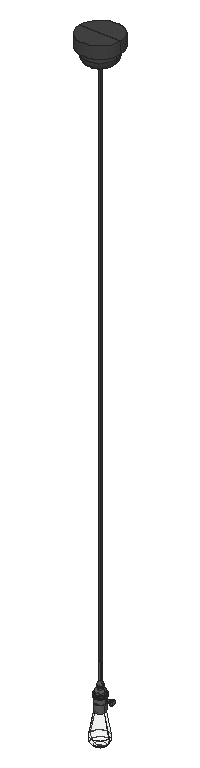
Revit family "SPO-KEY-BP MB", category Lighting Fixtures, Revit 2020 (continued)
Definition of nested family "SPO-KEY-AB"
  Definition of nested family "SPO-KEY-AB HOLDER"
    Automatic sketch dimensions
      Extrusion 127 sketch curve to Extrusion 127 sketch curve = 0' - 0.0326"
      Extrusion 127 sketch curve to Extrusion 127 sketch curve = 0' - 0.0292"
      Extrusion 127 sketch curve to Extrusion 127 sketch curve = 0' - 0.02806"
      Extrusion 128 sketch curve to Extrusion 128 sketch curve = 0' - 0.02911"
      Extrusion 128 sketch curve to Extrusion 128 sketch curve = 0' - 0.0326"
      Extrusion 128 sketch curve to Extrusion 128 sketch curve = 0' - 0.0292"
      Extrusion 128 sketch curve to Extrusion 128 sketch curve = 0' - 0.02806"
      Extrusion 129 sketch curve to Extrusion 129 sketch curve = 0' - 0.02911"
      Extrusion 129 sketch curve to Extrusion 129 sketch curve = 0' - 0.0326"
      Extrusion 129 sketch curve to Extrusion 129 sketch curve = 0' - 0.0292"
      Extrusion 129 sketch curve to Extrusion 129 sketch curve = 0' - 0.02806"
      Extrusion 130 sketch curve to Extrusion 130 sketch curve = 0' - 0.02911"
      Extrusion 130 sketch curve to Extrusion 130 sketch curve = 0' - 0.0326"
      Extrusion 130 sketch curve to Extrusion 130 sketch curve = 0' - 0.0292"
      Extrusion 130 sketch curve to Extrusion 130 sketch curve = 0' - 0.02806"
      Extrusion 131 sketch curve to Extrusion 131 sketch curve = 0' - 0.02911"
      Extrusion 131 sketch curve to Extrusion 131 sketch curve = 0' - 0.0326"
      Extrusion 131 sketch curve to Extrusion 131 sketch curve = 0' - 0.0292"
      Extrusion 131 sketch curve to Extrusion 131 sketch curve = 0' - 0.02806"
      Extrusion 132 sketch curve to Extrusion 132 sketch curve = 0' - 0.02911"
      Extrusion 132 sketch curve to Extrusion 132 sketch curve = 0' - 0.0326"
      Extrusion 132 sketch curve to Extrusion 132 sketch curve = 0' - 0.0292"
      Extrusion 132 sketch curve to Extrusion 132 sketch curve = 0' - 0.02806"
      Extrusion 133 sketch curve to Extrusion 133 sketch curve = 0' - 0.02911"
      Extrusion 133 sketch curve to Extrusion 133 sketch curve = 0' - 0.0326"
      Extrusion 133 sketch curve to Extrusion 133 sketch curve = 0' - 0.0292"
      Extrusion 133 sketch curve to Extrusion 133 sketch curve = 0' - 0.02806"
      Extrusion 134 sketch curve to Extrusion 134 sketch curve = 0' - 0.03305"
      Extrusion 134 sketch curve to Extrusion 134 sketch curve = 0' - 0.03932"
      Extrusion 134 sketch curve to Extrusion 134 sketch curve = 0' - 0.03299"
      Extrusion 134 sketch curve to Extrusion 134 sketch curve = 0' - 0.03385"
      Extrusion 135 sketch curve to Extrusion 135 sketch curve = 0' - 0.03305"
      Extrusion 135 sketch curve to Extrusion 135 sketch curve = 0' - 0.03932"
      Extrusion 135 sketch curve to Extrusion 135 sketch curve = 0' - 0.03299"
      Extrusion 135 sketch curve to Extrusion 135 sketch curve = 0' - 0.03385"
      Extrusion 136 sketch curve to Extrusion 136 sketch curve = 0' - 0.03305"
      Extrusion 136 sketch curve to Extrusion 136 sketch curve = 0' - 0.03932"
      Extrusion 136 sketch curve to Extrusion 136 sketch curve = 0' - 0.03299"
      Extrusion 136 sketch curve to Extrusion 136 sketch curve = 0' - 0.03385"
      Extrusion 137 sketch curve to Extrusion 137 sketch curve = 0' - 0.03305"
      Extrusion 137 sketch curve to Extrusion 137 sketch curve = 0' - 0.03932"
      Extrusion 137 sketch curve to Extrusion 137 sketch curve = 0' - 0.03299"
      Extrusion 137 sketch curve to Extrusion 137 sketch curve = 0' - 0.03385"
      Extrusion 138 sketch curve to Extrusion 138 sketch curve = 0' - 0.03305"
      Extrusion 138 sketch curve to Extrusion 138 sketch curve = 0' - 0.03932"
      Extrusion 138 sketch curve to Extrusion 138 sketch curve = 0' - 0.03299"
      Extrusion 138 sketch curve to Extrusion 138 sketch curve = 0' - 0.03385"
      Extrusion 139 sketch curve to Extrusion 139 sketch curve = 0' - 0.03305"
      Extrusion 139 sketch curve to Extrusion 139 sketch curve = 0' - 0.03932"
      Extrusion 139 sketch curve to Extrusion 139 sketch curve = 0' - 0.03299"
      Extrusion 139 sketch curve to Extrusion 139 sketch curve = 0' - 0.03385"
      Extrusion 140 sketch curve to Extrusion 140 sketch curve = 0' - 0.03305"
      Extrusion 140 sketch curve to Extrusion 140 sketch curve = 0' - 0.03932"
      Extrusion 140 sketch curve to Extrusion 140 sketch curve = 0' - 0.03299"
      Extrusion 140 sketch curve to Extrusion 140 sketch curve = 0' - 0.03385"
      Extrusion 141 sketch curve to Extrusion 141 sketch curve = 0' - 0.03305"
      Extrusion 141 sketch curve to Extrusion 141 sketch curve = 0' - 0.03932"
      Extrusion 141 sketch curve to Extrusion 141 sketch curve = 0' - 0.03299"
      Extrusion 141 sketch curve to Extrusion 141 sketch curve = 0' - 0.03385"
      Extrusion 142 sketch curve to Extrusion 142 sketch curve = 0' - 0.03305"
      Extrusion 142 sketch curve to Extrusion 142 sketch curve = 0' - 0.03932"
      Extrusion 142 sketch curve to Extrusion 142 sketch curve = 0' - 0.03299"
      Extrusion 142 sketch curve to Extrusion 142 sketch curve = 0' - 0.03385"
      Extrusion 143 sketch curve to Extrusion 143 sketch curve = 0' - 0.03305"
      Extrusion 143 sketch curve to Extrusion 143 sketch curve = 0' - 0.03932"
      Extrusion 143 sketch curve to Extrusion 143 sketch curve = 0' - 0.03299"
      Extrusion 143 sketch curve to Extrusion 143 sketch curve = 0' - 0.03385"
      Extrusion 144 sketch curve to Extrusion 144 sketch curve = 0' - 0.03305"
      Extrusion 144 sketch curve to Extrusion 144 sketch curve = 0' - 0.03932"
      Extrusion 144 sketch curve to Extrusion 144 sketch curve = 0' - 0.03299"
      Extrusion 144 sketch curve to Extrusion 144 sketch curve = 0' - 0.03385"
      Extrusion 145 sketch curve to Extrusion 145 sketch curve = 0' - 0.03305"
      Extrusion 145 sketch curve to Extrusion 145 sketch curve = 0' - 0.03932"
      Extrusion 145 sketch curve to Extrusion 145 sketch curve = 0' - 0.03299"
      Extrusion 145 sketch curve to Extrusion 145 sketch curve = 0' - 0.03385"
      Extrusion 146 sketch curve to Extrusion 146 sketch curve = 0' - 0.03305"
      Extrusion 146 sketch curve to Extrusion 146 sketch curve = 0' - 0.03932"
      Extrusion 146 sketch curve to Extrusion 146 sketch curve = 0' - 0.03299"
      Extrusion 146 sketch curve to Extrusion 146 sketch curve = 0' - 0.03385"
      Extrusion 147 sketch curve to Extrusion 147 sketch curve = 0' - 0.03305"
      Extrusion 147 sketch curve to Extrusion 147 sketch curve = 0' - 0.03932"
      Extrusion 147 sketch curve to Extrusion 147 sketch curve = 0' - 0.03299"
      Extrusion 147 sketch curve to Extrusion 147 sketch curve = 0' - 0.03385"
      Extrusion 148 sketch curve to Extrusion 148 sketch curve = 0' - 0.03305"
      Extrusion 148 sketch curve to Extrusion 148 sketch curve = 0' - 0.03932"
      Extrusion 148 sketch curve to Extrusion 148 sketch curve = 0' - 0.03299"
      Extrusion 148 sketch curve to Extrusion 148 sketch curve = 0' - 0.03385"
      Extrusion 149 sketch curve to Extrusion 149 sketch curve = 0' - 0.03305"
      Extrusion 149 sketch curve to Extrusion 149 sketch curve = 0' - 0.03932"
      Extrusion 149 sketch curve to Extrusion 149 sketch curve = 0' - 0.03299"
      Extrusion 149 sketch curve to Extrusion 149 sketch curve = 0' - 0.03385"
      Extrusion 150 sketch curve to Extrusion 150 sketch curve = 0' - 0.03305"
      Extrusion 150 sketch curve to Extrusion 150 sketch curve = 0' - 0.03932"
      Extrusion 150 sketch curve to Extrusion 150 sketch curve = 0' - 0.03299"
      Extrusion 150 sketch curve to Extrusion 150 sketch curve = 0' - 0.03385"
      Extrusion 151 sketch curve to Extrusion 151 sketch curve = 0' - 0.03305"
      Extrusion 151 sketch curve to Extrusion 151 sketch curve = 0' - 0.03932"
      Extrusion 151 sketch curve to Extrusion 151 sketch curve = 0' - 0.03299"
      Extrusion 151 sketch curve to Extrusion 151 sketch curve = 0' - 0.03385"
      Extrusion 152 sketch curve to Extrusion 152 sketch curve = 0' - 0.03305"
      Extrusion 152 sketch curve to Extrusion 152 sketch curve = 0' - 0.03932"
      Extrusion 152 sketch curve to Extrusion 152 sketch curve = 0' - 0.03299"
      Extrusion 152 sketch curve to Extrusion 152 sketch curve = 0' - 0.03385"
      Extrusion 153 sketch curve to Extrusion 153 sketch curve = 0' - 0.03305"
      Extrusion 153 sketch curve to Extrusion 153 sketch curve = 0' - 0.03932"
      Extrusion 153 sketch curve to Extrusion 153 sketch curve = 0' - 0.03299"
      Extrusion 153 sketch curve to Extrusion 153 sketch curve = 0' - 0.03385"
      Extrusion 154 sketch curve to Extrusion 154 sketch curve = 0' - 0.03305"
      Extrusion 154 sketch curve to Extrusion 154 sketch curve = 0' - 0.03932"
      Extrusion 154 sketch curve to Extrusion 154 sketch curve = 0' - 0.03299"
      Extrusion 154 sketch curve to Extrusion 154 sketch curve = 0' - 0.03385"
      Extrusion 155 sketch curve to Extrusion 155 sketch curve = 0' - 0.03305"
      Extrusion 155 sketch curve to Extrusion 155 sketch curve = 0' - 0.03932"
      Extrusion 155 sketch curve to Extrusion 155 sketch curve = 0' - 0.03299"
      Extrusion 155 sketch curve to Extrusion 155 sketch curve = 0' - 0.03385"
      Extrusion 156 sketch curve to Extrusion 156 sketch curve = 0' - 0.03305"
      Extrusion 156 sketch curve to Extrusion 156 sketch curve = 0' - 0.03932"
      Extrusion 156 sketch curve to Extrusion 156 sketch curve = 0' - 0.03299"
      Extrusion 156 sketch curve to Extrusion 156 sketch curve = 0' - 0.03385"
      Extrusion 157 sketch curve to Extrusion 157 sketch curve = 0' - 0.03305"
      Extrusion 157 sketch curve to Extrusion 157 sketch curve = 0' - 0.03932"
      Extrusion 157 sketch curve to Extrusion 157 sketch curve = 0' - 0.03299"
      Extrusion 157 sketch curve to Extrusion 157 sketch curve = 0' - 0.03385"
      plane 1 "Center (Front/Back)" to Extrusion 1 sketch curve = 0' - 0"
      Extrusion 1 sketch curve to plane 3 "Center (Left/Right)" = 0' - 0"
      Revolve 2 sketch curve to plane 6 = 0' - 0"
      Revolve 2 sketch curve to level = 0' - 0"
      Revolve 2 sketch curve to plane 4 = 0' - 0"
      Revolve 2 sketch curve to plane 3 "Center (Left/Right)" = 0' - 0"  (x2)
      plane 6 to Revolve 2 sketch curve = 0' - 0.06075"
      plane 6 to Revolve 2 sketch curve = 0' - 0.12425"
      Revolve 2 sketch curve to Revolve 2 sketch curve = 0' - 0.18188"
      Revolve 2 sketch curve to Revolve 2 sketch curve = 0' - 0.21893"
      Revolve 2 sketch curve to plane 3 "Center (Left/Right)" = 0' - 0.32164"
      Revolve 2 sketch curve to Revolve 2 sketch curve = 0' - 0.03485"
      Revolve 2 sketch curve to Revolve 2 sketch curve = 0' - 0.05507"
      Revolve 2 sketch curve to plane 3 "Center (Left/Right)" = 0' - 0.18061"
      Revolve 2 sketch curve to Revolve 2 sketch curve = 0' - 0.87307"
      Revolve 2 sketch curve to Revolve 2 sketch curve = 0' - 0.0635"
      Revolve 2 sketch curve to Revolve 2 sketch curve = 0' - 0.67909"
      Revolve 2 sketch curve to Revolve 2 sketch curve = 0' - 0.38706"
      Revolve 2 sketch curve to Revolve 2 sketch curve = 0' - 0.20666"
      Revolve 2 sketch curve to Revolve 2 sketch curve = 0' - 0.06564"
      Revolve 2 sketch curve to Revolve 2 sketch curve = 0' - 0 1/4"
      Revolve 2 sketch curve to Revolve 2 sketch curve = 0' - 0.19319"
      Revolve 2 sketch curve to plane 4 = 0' - 0 1/4"
      Revolve 2 sketch curve to Revolve 2 sketch curve = 0' - 0.12407"
      Revolve 3 sketch curve to plane 5 = 0' - 0.06144"
      plane 5 to Revolve 3 sketch curve = 0' - 0.06784"
      Revolve 3 sketch curve to Revolve 3 sketch curve = 0' - 0.13031"
      Revolve 3 sketch curve to Revolve 3 sketch curve = 0' - 0.10379"
      Revolve 3 sketch curve to Revolve 3 sketch curve = 0' - 0.04714"
      Revolve 3 sketch curve to Revolve 3 sketch curve = 0' - 0.03234"
      Revolve 3 sketch curve to Revolve 3 sketch curve = 0' - 0.10316"
      Revolve 3 sketch curve to Revolve 3 sketch curve = 0' - 0.34639"
      Revolve 3 sketch curve to Revolve 3 sketch curve = 0' - 0.13742"
      level to Revolve 3 sketch curve = 0' - 1.37371"
      Revolve 3 sketch curve to Revolve 3 sketch curve = 0' - 0.04427"
      Revolve 3 sketch curve to Revolve 3 sketch curve = 0' - 0.02015"
      Revolve 3 sketch curve to Revolve 3 sketch curve = 0' - 0.02437"
      Revolve 3 sketch curve to Revolve 3 sketch curve = 0' - 0.01272"
      Revolve 3 sketch curve to Revolve 3 sketch curve = 0' - 0.09592"
      Revolve 3 sketch curve to Revolve 3 sketch curve = 0' - 0.31425"
      Revolve 3 sketch curve to Revolve 3 sketch curve = 0' - 0.09269"
      Revolve 3 sketch curve to Revolve 3 sketch curve = 0' - 0.05975"
      Revolve 3 sketch curve to Revolve 3 sketch curve = 0' - 0.0888"
      Extrusion 158 sketch curve to Extrusion 158 sketch curve = 0' - 0.02628"
      Extrusion 158 sketch curve to Extrusion 158 sketch curve = 0' - 0.04498"
      Extrusion 158 sketch curve to Extrusion 158 sketch curve = 0' - 0.02258"
      Extrusion 158 sketch curve to Extrusion 158 sketch curve = 0' - 0.02891"
      Extrusion 159 sketch curve to Extrusion 159 sketch curve = 0' - 0.02628"
      Extrusion 159 sketch curve to Extrusion 159 sketch curve = 0' - 0.04498"
      Extrusion 159 sketch curve to Extrusion 159 sketch curve = 0' - 0.02258"
      Extrusion 159 sketch curve to Extrusion 159 sketch curve = 0' - 0.02891"
      Extrusion 160 sketch curve to Extrusion 160 sketch curve = 0' - 0.02628"
      Extrusion 160 sketch curve to Extrusion 160 sketch curve = 0' - 0.04498"
      Extrusion 160 sketch curve to Extrusion 160 sketch curve = 0' - 0.02258"
      Extrusion 160 sketch curve to Extrusion 160 sketch curve = 0' - 0.02891"
      Extrusion 161 sketch curve to Extrusion 161 sketch curve = 0' - 0.02628"
      Extrusion 161 sketch curve to Extrusion 161 sketch curve = 0' - 0.04498"
      Extrusion 161 sketch curve to Extrusion 161 sketch curve = 0' - 0.02258"
      Extrusion 161 sketch curve to Extrusion 161 sketch curve = 0' - 0.02891"
      Extrusion 162 sketch curve to Extrusion 162 sketch curve = 0' - 0.02628"
      Extrusion 162 sketch curve to Extrusion 162 sketch curve = 0' - 0.04498"
      Extrusion 162 sketch curve to Extrusion 162 sketch curve = 0' - 0.02258"
      Extrusion 162 sketch curve to Extrusion 162 sketch curve = 0' - 0.02891"
      Extrusion 163 sketch curve to Extrusion 163 sketch curve = 0' - 0.02628"
      Extrusion 163 sketch curve to Extrusion 163 sketch curve = 0' - 0.04498"
      Extrusion 163 sketch curve to Extrusion 163 sketch curve = 0' - 0.02258"
      Extrusion 163 sketch curve to Extrusion 163 sketch curve = 0' - 0.02891"
      Extrusion 164 sketch curve to Extrusion 164 sketch curve = 0' - 0.02628"
      Extrusion 164 sketch curve to Extrusion 164 sketch curve = 0' - 0.04498"
      Extrusion 164 sketch curve to Extrusion 164 sketch curve = 0' - 0.02258"
      Extrusion 164 sketch curve to Extrusion 164 sketch curve = 0' - 0.02891"
      Extrusion 165 sketch curve to Extrusion 165 sketch curve = 0' - 0.02628"
      Extrusion 165 sketch curve to Extrusion 165 sketch curve = 0' - 0.04498"
      Extrusion 165 sketch curve to Extrusion 165 sketch curve = 0' - 0.02258"
      Extrusion 165 sketch curve to Extrusion 165 sketch curve = 0' - 0.02891"
      Extrusion 166 sketch curve to Extrusion 166 sketch curve = 0' - 0.02628"
      Extrusion 166 sketch curve to Extrusion 166 sketch curve = 0' - 0.04498"
      Extrusion 166 sketch curve to Extrusion 166 sketch curve = 0' - 0.02258"
      Extrusion 166 sketch curve to Extrusion 166 sketch curve = 0' - 0.02891"
      Extrusion 167 sketch curve to Extrusion 167 sketch curve = 0' - 0.02628"
      Extrusion 167 sketch curve to Extrusion 167 sketch curve = 0' - 0.04498"
      Extrusion 167 sketch curve to Extrusion 167 sketch curve = 0' - 0.02258"
      Extrusion 167 sketch curve to Extrusion 167 sketch curve = 0' - 0.02891"
      Extrusion 168 sketch curve to Extrusion 168 sketch curve = 0' - 0.02628"
      Extrusion 168 sketch curve to Extrusion 168 sketch curve = 0' - 0.04498"
      Extrusion 168 sketch curve to Extrusion 168 sketch curve = 0' - 0.02258"
      Extrusion 168 sketch curve to Extrusion 168 sketch curve = 0' - 0.02891"
      Extrusion 169 sketch curve to Extrusion 169 sketch curve = 0' - 0.02628"
      Extrusion 169 sketch curve to Extrusion 169 sketch curve = 0' - 0.04498"
      Extrusion 169 sketch curve to Extrusion 169 sketch curve = 0' - 0.02258"
      Extrusion 169 sketch curve to Extrusion 169 sketch curve = 0' - 0.02891"
      Extrusion 170 sketch curve to Extrusion 170 sketch curve = 0' - 0.02628"
      Extrusion 170 sketch curve to Extrusion 170 sketch curve = 0' - 0.04498"
      Extrusion 170 sketch curve to Extrusion 170 sketch curve = 0' - 0.02258"
      Extrusion 170 sketch curve to Extrusion 170 sketch curve = 0' - 0.02891"
      Extrusion 171 sketch curve to Extrusion 171 sketch curve = 0' - 0.02628"
      Extrusion 171 sketch curve to Extrusion 171 sketch curve = 0' - 0.04498"
      Extrusion 171 sketch curve to Extrusion 171 sketch curve = 0' - 0.02258"
      Extrusion 171 sketch curve to Extrusion 171 sketch curve = 0' - 0.02891"
      Extrusion 172 sketch curve to Extrusion 172 sketch curve = 0' - 0.02628"
      Extrusion 172 sketch curve to Extrusion 172 sketch curve = 0' - 0.04498"
      Extrusion 172 sketch curve to Extrusion 172 sketch curve = 0' - 0.02258"
      Extrusion 172 sketch curve to Extrusion 172 sketch curve = 0' - 0.02891"
      Extrusion 173 sketch curve to Extrusion 173 sketch curve = 0' - 0.02628"
      Extrusion 173 sketch curve to Extrusion 173 sketch curve = 0' - 0.04498"
      Extrusion 173 sketch curve to Extrusion 173 sketch curve = 0' - 0.02258"
      Extrusion 173 sketch curve to Extrusion 173 sketch curve = 0' - 0.02891"
      Extrusion 174 sketch curve to Extrusion 174 sketch curve = 0' - 0.02628"
      Extrusion 174 sketch curve to Extrusion 174 sketch curve = 0' - 0.04498"
      Extrusion 174 sketch curve to Extrusion 174 sketch curve = 0' - 0.02258"
      Extrusion 174 sketch curve to Extrusion 174 sketch curve = 0' - 0.02891"
      Extrusion 175 sketch curve to Extrusion 175 sketch curve = 0' - 0.02628"
      Extrusion 175 sketch curve to Extrusion 175 sketch curve = 0' - 0.04498"
      Extrusion 175 sketch curve to Extrusion 175 sketch curve = 0' - 0.02258"
      Extrusion 175 sketch curve to Extrusion 175 sketch curve = 0' - 0.02891"
      Extrusion 176 sketch curve to Extrusion 176 sketch curve = 0' - 0.02628"
      Extrusion 176 sketch curve to Extrusion 176 sketch curve = 0' - 0.04498"
      Extrusion 176 sketch curve to Extrusion 176 sketch curve = 0' - 0.02258"
      Extrusion 176 sketch curve to Extrusion 176 sketch curve = 0' - 0.02891"
      Extrusion 177 sketch curve to Extrusion 177 sketch curve = 0' - 0.02628"
      Extrusion 177 sketch curve to Extrusion 177 sketch curve = 0' - 0.04498"
      Extrusion 177 sketch curve to Extrusion 177 sketch curve = 0' - 0.02258"
      Extrusion 177 sketch curve to Extrusion 177 sketch curve = 0' - 0.02891"
      Extrusion 178 sketch curve to Extrusion 178 sketch curve = 0' - 0.02628"
      Extrusion 178 sketch curve to Extrusion 178 sketch curve = 0' - 0.04498"
      Extrusion 178 sketch curve to Extrusion 178 sketch curve = 0' - 0.02258"
      Extrusion 178 sketch curve to Extrusion 178 sketch curve = 0' - 0.02891"
      Extrusion 179 sketch curve to Extrusion 179 sketch curve = 0' - 0.02628"
      Extrusion 179 sketch curve to Extrusion 179 sketch curve = 0' - 0.04498"
      Extrusion 179 sketch curve to Extrusion 179 sketch curve = 0' - 0.02258"
      Extrusion 179 sketch curve to Extrusion 179 sketch curve = 0' - 0.02891"
      Extrusion 180 sketch curve to Extrusion 180 sketch curve = 0' - 0.02628"
      Extrusion 180 sketch curve to Extrusion 180 sketch curve = 0' - 0.04498"
      Extrusion 180 sketch curve to Extrusion 180 sketch curve = 0' - 0.02258"
      Extrusion 180 sketch curve to Extrusion 180 sketch curve = 0' - 0.02891"
      Extrusion 181 sketch curve to Extrusion 181 sketch curve = 0' - 0.02628"
      Extrusion 181 sketch curve to Extrusion 181 sketch curve = 0' - 0.04498"
      Extrusion 181 sketch curve to Extrusion 181 sketch curve = 0' - 0.02258"
      Extrusion 181 sketch curve to Extrusion 181 sketch curve = 0' - 0.02891"
      Extrusion 182 sketch curve to Extrusion 182 sketch curve = 0' - 0.02628"
      Extrusion 182 sketch curve to Extrusion 182 sketch curve = 0' - 0.04498"
      Extrusion 182 sketch curve to Extrusion 182 sketch curve = 0' - 0.02258"
      Extrusion 182 sketch curve to Extrusion 182 sketch curve = 0' - 0.02891"
      Extrusion 183 sketch curve to Extrusion 183 sketch curve = 0' - 0.02628"
      Extrusion 183 sketch curve to Extrusion 183 sketch curve = 0' - 0.04498"
      Extrusion 183 sketch curve to Extrusion 183 sketch curve = 0' - 0.02258"
      Extrusion 183 sketch curve to Extrusion 183 sketch curve = 0' - 0.02891"
      Extrusion 184 sketch curve to Extrusion 184 sketch curve = 0' - 0.02628"
      Extrusion 184 sketch curve to Extrusion 184 sketch curve = 0' - 0.04498"
      Extrusion 184 sketch curve to Extrusion 184 sketch curve = 0' - 0.02258"
      Extrusion 184 sketch curve to Extrusion 184 sketch curve = 0' - 0.02891"
      Extrusion 185 sketch curve to Extrusion 185 sketch curve = 0' - 0.02628"
      Extrusion 185 sketch curve to Extrusion 185 sketch curve = 0' - 0.04498"
      Extrusion 185 sketch curve to Extrusion 185 sketch curve = 0' - 0.02258"
      Extrusion 185 sketch curve to Extrusion 185 sketch curve = 0' - 0.02891"
      radius of Extrusion 1 sketch curve = 0' - 0.1524"
  Definition of nested family "light"
    Parameters
      SPB [instance] = yes
      GLASS = none
      Default Elevation = 0' - 0"
      Body [instance] = none
    Reference planes (in)
      plane 1 "Center (Front/Back)": y = 0
      plane 2: z = 0
      plane 3 "Center (Left/Right)": x = 0
      plane 4: z = 3
      plane 5: x = 0.75
      plane 6: x = -0.75
    Forms (in)
      Revolve 1, solid, material <- "GLASS"
        sketch origin (0, 0, -0.00124) x (1, 0, 0) y (0, 0, 1)
          loop
            line (0, 0.00124) -> (-0.47169, 0.00124)
            arc (-0.47169, 0.00124) -> (-0.59465, -0.08077) -> (-0.64543, -0.21957) r 0.23785
            line (-0.64543, -0.21957) -> (-1.18272, -3.03558)
            arc (-1.18272, -3.03558) -> (-1.18535, -3.41114) -> (-1.05444, -3.76315) r 1.04013
            arc (-1.05444, -3.76315) -> (-0.89651, -3.966) -> (-0.69365, -4.12393) r 1.04013
            arc (-0.69365, -4.12393) -> (-0.44112, -4.23419) -> (-0.17715, -4.31325) r 2.2844
            line (-0.17715, -4.31325) -> (-0.02963, -4.36987)
            arc (-0.02963, -4.36987) -> (-0.01545, -4.37654) -> (0, -4.37915) r 0.05766
            line (0, -4.37915) -> (0, -4.34756) -> (-0.27212, -4.27661)
            arc (-0.27212, -4.27661) -> (-0.48406, -4.20538) -> (-0.68798, -4.11367) r 2.27268
            arc (-0.68798, -4.11367) -> (-0.88836, -3.95758) -> (-1.04437, -3.75715) r 1.02841
            arc (-1.04437, -3.75715) -> (-1.17381, -3.4091) -> (-1.17121, -3.03778) r 1.02841
            line (-1.17121, -3.03778) -> (-0.63375, -0.22087)
            arc (-0.63375, -0.22087) -> (-0.60139, -0.11111) -> (-0.51945, -0.03125) r 0.22613
            line (-0.51945, -0.03125) -> (0, -0.03125) -> (0, 0.00124)
          axis (0, 0.00124) -> (0, -4.37915)
        angle from 0 to 360
    Dimensions and locks (in)
      aligned and locked: plane 2 to level
      aligned and locked: Revolve 1 to level
Definition of nested family "E6 26 INCH"
  Parameters (values of type "E6 26 INCH")
    URL = ""
    Placement X axis side [instance] = 2' - 2"
    Model = ""
    Manufacturer = ""
    Light Elevation [instance] = 8' - 4"
    E 6 26 inch [instance] = yes
    Default Elevation = 0' - 0"
    Chain Length [instance] = 0' - 0"
    Body Material [instance] = none
  Reference planes (in)
    plane 1 "Light Source Axis (F/B)": y = 0
    plane 2: z = 0
    plane 3 "Light Source Axis (L/R)": x = 0
    plane 4 "Light Source Elevation": z = 23.125
    plane 5: z = 100
    plane 6: x = -26
    plane 7: z = 99.125
    plane 8: x = -24.12
    plane 9: x = -25.5474
  Forms (in)
    Extrusion 1, void, not visible
      sketch origin (0, 0, 2.38154) x (1, 0, 0) y (0, 0, 1)
        loop
          circle (0, 4.59925) r 0.16583
      from 1.18594 to 1.75
    Extrusion 2, void, not visible
      sketch origin (0, 0, 2.38154) x (0.707107, -0.707107, 0) y (0, 0, 1)
        loop
          circle (0, 4.59925) r 0.16583
      from 1.18594 to 1.75
    Extrusion 3, void, not visible
      sketch origin (0, 0, 2.38154) x (0.707107, 0.707107, 0) y (0, 0, 1)
        loop
          circle (0, 4.59925) r 0.16583
      from 1.18594 to 1.75
    Extrusion 4, void, not visible
      sketch origin (0, 0, 2.38154) x (0, 1, 0) y (0, 0, 1)
        loop
          circle (0, 4.59925) r 0.16583
      from 1.18594 to 1.75
    Extrusion 5, void, not visible
      sketch origin (0, 0, 2.38154) x (-0.707107, 0.707107, 0) y (0, 0, 1)
        loop
          circle (0, 4.59925) r 0.16583
      from 1.18594 to 1.75
    Extrusion 6, void, not visible
      sketch origin (0, 0, 2.38154) x (-1, 0, 0) y (0, 0, 1)
        loop
          circle (0, 4.59925) r 0.20678
      from 1.18594 to 1.75
    Extrusion 7, void, not visible
      sketch origin (0, 0, 2.38154) x (-0.707107, -0.707107, 0) y (0, 0, 1)
        loop
          circle (0, 4.59925) r 0.16583
      from 1.18594 to 1.75
    Extrusion 8, void, not visible
      sketch origin (0, 0, 2.38154) x (0, -1, 0) y (0, 0, 1)
        loop
          circle (0, 4.59925) r 0.16583
      from 1.18594 to 1.75
    Sweep 9, solid, material <- "Body Material", visible <- "E 6 26 inch"
      path origin (-41.25, 0, 168.51693) x (1, 0, 0) y (0, 0, 1)
        loop
          line (17.13, -68.51693) -> (27.68551, -68.51693)
          arc (27.68551, -68.51693) -> (28.47996, -68.34486) -> (29.13202, -67.8595) r 1.92004
          line (29.13202, -67.8595) -> (34.23651, -62.01155)
          arc (34.23651, -62.01155) -> (38.65464, -60.89667) -> (41.25, -64.64193) r 4
          line (41.25, -64.64193) -> (41.25, -69.39193)
      profile origin (-18.84224, 0, 100) x (0, 0, 1) y (0, -1, 0)
        loop
          circle (0, 0) r 0.5
    Revolve 10, solid, material <- "Body Material", visible <- "E 6 26 inch"
      sketch origin (-26, 0, 168.51693) x (1, 0, 0) y (0, 0, 1)
        loop
          line (0, -66.07943) -> (0, -68.51693) -> (1.88, -68.51693) -> (1.88, -67.69272) -> (0.4526, -67.69272) -> (0.4526, -66.54122) -> (0.33125, -66.54122) -> (0.33125, -66.07943) -> (0, -66.07943)
        axis (0, -68.51693) -> (1.88, -68.51693)
      angle from 0 to 360
    Extrusion 11, solid, material <- "Body Material", visible <- "E 6 26 inch"
      sketch origin (-26, 0, 168.51693) x (0, -1, 0) y (0, 0, -1)
        loop
          line (0.25, 68.51693) -> (0.25, 69.51693) -> (-0.25, 69.51693) -> (-0.25, 68.51693) -> (0.25, 68.51693)
      from 0.4526 to 1.88
  Cuts and joins
    joined: Revolve 10, Extrusion 11
  Dimensions and locks (in)
    "Light Elevation": plane 5 to plane 2
    "Placement X axis side": plane 3 "Light Source Axis (L/R)" to plane 6
    locked: plane 5 to plane 7 at 0.875
    Revolve 10 sketch curve to Revolve 10 sketch curve to Revolve 10 sketch curve to plane 6 = 0' - 1.4274" locked, 0' - 0.12135" locked, 0' - 0.33125" locked
    Revolve 10 sketch curve to Revolve 10 sketch curve to Revolve 10 sketch curve to plane 5 = 0' - 0.46179" locked, 0' - 1.1515" locked, 0' - 0 211/256" locked
    locked: Sweep 9 sketch curve to plane 6 at 1.88
    locked: Sweep 9 sketch curve to Sweep 9 sketch curve at 10.55551
    locked: Sweep 9 sketch curve to Sweep 9 sketch curve at 13.56449
    locked: Sweep 9 sketch curve to Sweep 9 sketch curve at 4.75
    locked: plane 9 to plane 6 at 0.4526
    locked: plane 8 to plane 9 at 1.4274
    aligned and locked: level to plane 2
    aligned and locked: Revolve 10 sketch curve to plane 6
    aligned and locked: plane 5 to Revolve 10 sketch curve
    aligned and locked: Revolve 10 sketch curve to plane 5
    aligned and locked: cut or joined group of Revolve 10, Extrusion 11 to plane 9
    aligned and locked: plane 8 to cut or joined group of Revolve 10, Extrusion 11
  Automatic sketch dimensions
    Sweep 9 sketch curve to plane 5 = 0' - 0"
    Sweep 9 sketch curve to Sweep 9 sketch curve = 0' - 4"
    Sweep 9 sketch curve to Sweep 9 sketch curve = 0' - 3.01349"
    plane 5 to Sweep 9 sketch curve = 0' - 0.65743"
    Sweep 9 sketch curve to Sweep 9 sketch curve = 0' - 1.4465"
    Sweep 9 sketch curve to plane 5 = 0' - 0 7/8"
    profile plane to Sweep 9 sketch curve = 0' - 0"
    Sweep 9 sketch curve to profile plane = 0' - 0"
    plane 6 to Revolve 10 sketch curve = 0' - 0.62562"
    Revolve 10 sketch curve to Revolve 10 sketch curve = 0' - 0 1/2"
    Extrusion 11 sketch curve to plane 5 = 0' - 0"
    plane 1 "Light Source Axis (F/B)" to Extrusion 11 sketch curve = 0' - 0 1/4"
    Extrusion 11 sketch curve to plane 1 "Light Source Axis (F/B)" = 0' - 0 1/4"
    plane 5 to Extrusion 11 sketch curve = 0' - 1"
    radius of Sweep 9 sketch curve = 0' - 0 1/2"
Definition of nested family "E7 41 INCH"
  Parameters (values of type "E7 41 INCH")
    URL = ""
    Placement X axis side [instance] = 4' - 2"
    Model = ""
    Manufacturer = ""
    Light Elevation [instance] = 8' - 4"
    E7 41 inch [instance] = yes
    Default Elevation = 0' - 0"
    Chain Length [instance] = 0' - 0"
    Body Material [instance] = none
  Reference planes (in)
    plane 1 "Light Source Axis (F/B)": y = 0
    plane 2: z = 0
    plane 3 "Light Source Axis (L/R)": x = 0
    plane 4 "Light Source Elevation": z = 23.125
    plane 5: z = 100
    plane 6: x = -50
  Forms (in)
    Extrusion 1, void, not visible
      sketch origin (0, 0, 2.38154) x (1, 0, 0) y (0, 0, 1)
        loop
          circle (0, 4.59925) r 0.16583
      from 1.18594 to 1.75
    Extrusion 2, void, not visible
      sketch origin (0, 0, 2.38154) x (0.707107, -0.707107, 0) y (0, 0, 1)
        loop
          circle (0, 4.59925) r 0.16583
      from 1.18594 to 1.75
    Extrusion 3, void, not visible
      sketch origin (0, 0, 2.38154) x (0.707107, 0.707107, 0) y (0, 0, 1)
        loop
          circle (0, 4.59925) r 0.16583
      from 1.18594 to 1.75
    Extrusion 4, void, not visible
      sketch origin (0, 0, 2.38154) x (0, 1, 0) y (0, 0, 1)
        loop
          circle (0, 4.59925) r 0.16583
      from 1.18594 to 1.75
    Extrusion 5, void, not visible
      sketch origin (0, 0, 2.38154) x (-0.707107, 0.707107, 0) y (0, 0, 1)
        loop
          circle (0, 4.59925) r 0.16583
      from 1.18594 to 1.75
    Extrusion 6, void, not visible
      sketch origin (0, 0, 2.38154) x (-1, 0, 0) y (0, 0, 1)
        loop
          circle (0, 4.59925) r 0.20678
      from 1.18594 to 1.75
    Extrusion 7, void, not visible
      sketch origin (0, 0, 2.38154) x (-0.707107, -0.707107, 0) y (0, 0, 1)
        loop
          circle (0, 4.59925) r 0.16583
      from 1.18594 to 1.75
    Extrusion 8, void, not visible
      sketch origin (0, 0, 2.38154) x (0, -1, 0) y (0, 0, 1)
        loop
          circle (0, 4.59925) r 0.16583
      from 1.18594 to 1.75
    Revolve 9, solid, material <- "Body Material", visible <- "E7 41 inch"
      sketch origin (-41.25, 0, 168.39193) x (1, 0, 0) y (0, 0, 1)
        loop
          line (-8.75, -66.20443) -> (-8.75, -68.51693) -> (-6.87, -68.51693) -> (-6.87, -67.69272) -> (-8.2974, -67.69272) -> (-8.2974, -66.54122) -> (-8.41875, -66.54122) -> (-8.41875, -66.20443) -> (-8.75, -66.20443)
        axis (-8.75, -68.51693) -> (-6.87, -68.51693)
      angle from 0 to 360
    Extrusion 10, solid, material <- "Body Material", visible <- "E7 41 inch"
      sketch origin (-41.25, 0, 168.39193) x (0, -1, 0) y (0, 0, -1)
        loop
          line (0.25, 68.51693) -> (0.25, 69.51693) -> (-0.25, 69.51693) -> (-0.25, 68.51693) -> (0.25, 68.51693)
      from -8.2974 to -6.87
    Sweep 11, solid, material <- "Body Material", visible <- "E7 41 inch"
      path origin (-41.25, 0, 168.39193) x (1, 0, 0) y (0, 0, 1)
        loop
          line (-6.87, -68.51693) -> (16.04011, -68.51693)
          arc (16.04011, -68.51693) -> (17.864, -68.13651) -> (19.38375, -67.0587) r 4.5625
          line (19.38375, -67.0587) -> (24.70217, -61.33018)
          arc (24.70217, -61.33018) -> (29.64465, -60.20324) -> (32.5, -64.39193) r 4.5
          line (32.5, -64.39193) -> (32.5, -68.39193)
      profile origin (-36.66494, 0, 99.875) x (0, 0, 1) y (0, -1, 0)
        loop
          circle (0, 0) r 0.5
  Dimensions and locks (in)
    "Placement X axis side": plane 3 "Light Source Axis (L/R)" to plane 6
    "Light Elevation": plane 5 to plane 2
    locked: Revolve 9 sketch curve to Revolve 9 sketch curve at 0.33125
    locked: Revolve 9 sketch curve to Revolve 9 sketch curve at 0.4526
    locked: Revolve 9 sketch curve to Revolve 9 sketch curve at 1.88
    locked: Revolve 9 sketch curve to Revolve 9 sketch curve at 0.82421
    locked: Revolve 9 sketch curve to Revolve 9 sketch curve at 1.1515
    locked: Revolve 9 sketch curve to Revolve 9 sketch curve at 0.33679
    locked: plane 5 to Revolve 9 sketch curve at 0.125
    locked: Extrusion 10 sketch curve to Extrusion 10 sketch curve at 0.5
    locked: Extrusion 10 sketch curve to Extrusion 10 sketch curve at 1
    locked: plane 5 to Extrusion 10 sketch curve at 0.125
    locked: plane 5 to Sweep 11 sketch curve at 0.125
    locked: Sweep 11 sketch curve to Sweep 11 sketch curve at 39.37
    locked: Sweep 11 sketch curve to Sweep 11 sketch curve at 4
    locked: plane 6 to Extrusion 10 at 0.4526
    locked: Sweep 11 sketch curve to plane 6 at 1.88
    locked: Extrusion 10 to Extrusion 10 at 1.4274
    aligned and locked: plane 2 to level
    aligned and locked: Revolve 9 sketch curve to plane 6
  Automatic sketch dimensions
    Revolve 9 sketch curve to plane 5 = 0' - 0 1/8"
    plane 6 to Revolve 9 sketch curve = 0' - 0.62562"
    Revolve 9 sketch curve to Revolve 9 sketch curve = 0' - 0 1/2"
    plane 1 "Light Source Axis (F/B)" to Extrusion 10 sketch curve = 0' - 0 1/4"
    Sweep 11 sketch curve to plane 5 = 0' - 0"
    Sweep 11 sketch curve to Sweep 11 sketch curve = 0' - 4 1/2"
    Sweep 11 sketch curve to Sweep 11 sketch curve = 0' - 3.29783"
    plane 5 to Sweep 11 sketch curve = 0' - 1.33323"
    Sweep 11 sketch curve to Sweep 11 sketch curve = 0' - 5.31842"
    Sweep 11 sketch curve to Sweep 11 sketch curve = 0' - 3.34364"
    profile plane to Sweep 11 sketch curve = 0' - 0"
    Sweep 11 sketch curve to profile plane = 0' - 0"
    radius of Sweep 11 sketch curve = 0' - 0 1/2"
Definition of nested family "E36 20 INCH"
  Parameters (values of type "E36 20 INCH")
    URL = ""
    Placement X axis side [instance] = 1' - 8 1/4"
    Model = ""
    Manufacturer = ""
    Light Elevation [instance] = 8' - 4"
    E36 20 inch [instance] = yes
    Default Elevation = 0' - 0"
    Chain Length [instance] = 0' - 0"
    Body Material [instance] = none
  Reference planes (in)
    plane 1 "Light Source Axis (F/B)": y = 0
    plane 2: z = 0
    plane 3 "Light Source Axis (L/R)": x = 0
    plane 4 "Light Source Elevation": z = 23.125
    plane 5: z = 99
    plane 6: x = -20.25
    plane 7: z = 100
    plane 8: x = -18.37008
    plane 9: x = -19.79724
  Forms (in)
    Extrusion 1, void, not visible
      sketch origin (0, 0, 2.38154) x (1, 0, 0) y (0, 0, 1)
        loop
          circle (0, 4.59925) r 0.16583
      from 1.18594 to 1.75
    Extrusion 2, void, not visible
      sketch origin (0, 0, 2.38154) x (0.707107, -0.707107, 0) y (0, 0, 1)
        loop
          circle (0, 4.59925) r 0.16583
      from 1.18594 to 1.75
    Extrusion 3, void, not visible
      sketch origin (0, 0, 2.38154) x (0.707107, 0.707107, 0) y (0, 0, 1)
        loop
          circle (0, 4.59925) r 0.16583
      from 1.18594 to 1.75
    Extrusion 4, void, not visible
      sketch origin (0, 0, 2.38154) x (0, 1, 0) y (0, 0, 1)
        loop
          circle (0, 4.59925) r 0.16583
      from 1.18594 to 1.75
    Extrusion 5, void, not visible
      sketch origin (0, 0, 2.38154) x (-0.707107, 0.707107, 0) y (0, 0, 1)
        loop
          circle (0, 4.59925) r 0.16583
      from 1.18594 to 1.75
    Extrusion 6, void, not visible
      sketch origin (0, 0, 2.38154) x (-1, 0, 0) y (0, 0, 1)
        loop
          circle (0, 4.59925) r 0.20678
      from 1.18594 to 1.75
    Extrusion 7, void, not visible
      sketch origin (0, 0, 2.38154) x (-0.707107, -0.707107, 0) y (0, 0, 1)
        loop
          circle (0, 4.59925) r 0.16583
      from 1.18594 to 1.75
    Extrusion 8, void, not visible
      sketch origin (0, 0, 2.38154) x (0, -1, 0) y (0, 0, 1)
        loop
          circle (0, 4.59925) r 0.16583
      from 1.18594 to 1.75
    Sweep 9, solid, material <- "Body Material", visible <- "E36 20 inch"
      path origin (-41.25, 0, 169.51693) x (1, 0, 0) y (0, 0, 1)
        loop
          line (22.88, -69.51693) -> (28.93827, -69.51693)
          arc (28.93827, -69.51693) -> (29.97705, -69.28152) -> (30.81284, -68.62128) r 2.40953
          line (30.81284, -68.62128) -> (34.13807, -64.50378)
          arc (34.13807, -64.50378) -> (38.58272, -63.24548) -> (41.25, -67.01693) r 4
          line (41.25, -67.01693) -> (41.25, -70.51693)
      profile origin (-15.34086, 0, 100) x (0, 0, 1) y (0, -1, 0)
        loop
          circle (0, 0) r 0.5
    Revolve 10, solid, material <- "Body Material", visible <- "E36 20 inch"
      sketch origin (-20.25, 0, 169.51693) x (1, 0, 0) y (0, 0, 1)
        loop
          line (0, -67.20443) -> (0, -69.51693) -> (1.88, -69.51693) -> (1.88, -68.69272) -> (0.4526, -68.69272) -> (0.4526, -67.54122) -> (0.33125, -67.54122) -> (0.33125, -67.20443) -> (0, -67.20443)
        axis (0, -69.51693) -> (1.88, -69.51693)
      angle from 0 to 360
    Extrusion 11, solid, material <- "Body Material", visible <- "E36 20 inch"
      sketch origin (-20.25, 0, 169.51693) x (0, -1, 0) y (0, 0, -1)
        loop
          line (0.25, 69.51693) -> (0.25, 70.51693) -> (-0.25, 70.51693) -> (-0.25, 69.51693) -> (0.25, 69.51693)
      from 1.87992 to 0.45276
  Cuts and joins
    joined: Revolve 10, Extrusion 11
  Dimensions and locks (in)
    "Light Elevation": plane 7 to plane 2
    "Placement X axis side": plane 3 "Light Source Axis (L/R)" to plane 6
    locked: plane 7 to plane 5 at 1
    Revolve 10 sketch curve to Revolve 10 sketch curve to Revolve 10 sketch curve to plane 7 = 0' - 0.33679" locked, 0' - 1.1515" locked, 0' - 0 211/256" locked
    locked: Sweep 9 sketch curve to plane 6 at 1.88
    locked: Sweep 9 sketch curve to Sweep 9 sketch curve at 6.05827
    locked: Sweep 9 sketch curve to Sweep 9 sketch curve at 12.31173
    locked: Sweep 9 sketch curve to Sweep 9 sketch curve at 3.5
    Revolve 10 sketch curve to Revolve 10 sketch curve to Revolve 10 sketch curve to plane 6 = 0' - 1.4274" locked, 0' - 0.12135" locked, 0' - 0.33125" locked
    locked: plane 9 to plane 6 at 0.45276
    locked: plane 8 to plane 9 at 1.42717
    aligned and locked: level to plane 2
    aligned and locked: plane 7 to Revolve 10 sketch curve
    aligned and locked: Revolve 10 sketch curve to plane 7
    aligned and locked: Revolve 10 sketch curve to plane 6
    aligned and locked: cut or joined group of Revolve 10, Extrusion 11 to plane 9
    aligned and locked: plane 8 to cut or joined group of Revolve 10, Extrusion 11
  Automatic sketch dimensions
    Sweep 9 sketch curve to plane 7 = 0' - 0"
    Sweep 9 sketch curve to plane 5 = 0' - 0"
    Sweep 9 sketch curve to Sweep 9 sketch curve = 0' - 4"
    Sweep 9 sketch curve to plane 7 = 0' - 0.89565"
    Sweep 9 sketch curve to Sweep 9 sketch curve = 0' - 3.32523"
    Sweep 9 sketch curve to Sweep 9 sketch curve = 0' - 1.87457"
    profile plane to Sweep 9 sketch curve = 0' - 0"
    Sweep 9 sketch curve to profile plane = 0' - 0"
    plane 6 to Revolve 10 sketch curve = 0' - 0.62562"
    Revolve 10 sketch curve to Revolve 10 sketch curve = 0' - 0 1/2"
    plane 7 to Extrusion 11 sketch curve = 0' - 0"
    Extrusion 11 sketch curve to plane 5 = 0' - 0"
    plane 1 "Light Source Axis (F/B)" to Extrusion 11 sketch curve = 0' - 0 1/4"
    Extrusion 11 sketch curve to plane 1 "Light Source Axis (F/B)" = 0' - 0 1/4"
    radius of Sweep 9 sketch curve = 0' - 0 1/2"
Definition of nested family "POST MOUNT"
  Parameters (values of type "POST MOUNT")
    URL = ""
    Post Mount [instance] = yes
    Placement X axis side [instance] = 2' - 2 1/2"
    Model = ""
    Manufacturer = ""
    Light Elevation [instance] = 14' - 0.5168"
    Default Elevation = 0' - 0"
    Chain Length [instance] = 0' - 0"
    Body Material [instance] = none
  Reference planes (in)
    plane 1 "Light Source Axis (F/B)": y = 0
    plane 2: z = 0
    plane 3 "Light Source Axis (L/R)": x = 0
    plane 4 "Light Source Elevation": z = 23.125
    plane 5: x = -26.5
    plane 6: z = 168.5168
  Forms (in)
    Extrusion 1, void, not visible
      sketch origin (0, 0, 2.38154) x (1, 0, 0) y (0, 0, 1)
        loop
          circle (0, 4.59925) r 0.16583
      from 1.18594 to 1.75
    Extrusion 2, void, not visible
      sketch origin (0, 0, 2.38154) x (0.707107, -0.707107, 0) y (0, 0, 1)
        loop
          circle (0, 4.59925) r 0.16583
      from 1.18594 to 1.75
    Extrusion 3, void, not visible
      sketch origin (0, 0, 2.38154) x (0.707107, 0.707107, 0) y (0, 0, 1)
        loop
          circle (0, 4.59925) r 0.16583
      from 1.18594 to 1.75
    Extrusion 4, void, not visible
      sketch origin (0, 0, 2.38154) x (0, 1, 0) y (0, 0, 1)
        loop
          circle (0, 4.59925) r 0.16583
      from 1.18594 to 1.75
    Extrusion 5, void, not visible
      sketch origin (0, 0, 2.38154) x (-0.707107, 0.707107, 0) y (0, 0, 1)
        loop
          circle (0, 4.59925) r 0.16583
      from 1.18594 to 1.75
    Extrusion 6, void, not visible
      sketch origin (0, 0, 2.38154) x (-1, 0, 0) y (0, 0, 1)
        loop
          circle (0, 4.59925) r 0.20678
      from 1.18594 to 1.75
    Extrusion 7, void, not visible
      sketch origin (0, 0, 2.38154) x (-0.707107, -0.707107, 0) y (0, 0, 1)
        loop
          circle (0, 4.59925) r 0.16583
      from 1.18594 to 1.75
    Extrusion 8, void, not visible
      sketch origin (0, 0, 2.38154) x (0, -1, 0) y (0, 0, 1)
        loop
          circle (0, 4.59925) r 0.16583
      from 1.18594 to 1.75
    Revolve 9, solid, material <- "Body Material", visible <- "Post Mount"
      sketch origin (-7.90508, 0, 0) x (1, 0, 0) y (0, 0, 1)
        loop
          line (-18.59492, 3.92912) -> (-16.29831, 3.92912) -> (-16.29831, 4.2668) -> (-16.91413, 4.2668) -> (-16.91413, 134.5168) -> (-17.16413, 134.5168) -> (-17.16413, 137.3918) -> (-17.05979, 137.3918)
          arc (-17.05979, 137.3918) -> (-16.93479, 137.5168) -> (-17.05979, 137.6418) r 0.125
          line (-17.05979, 137.6418) -> (-17.48032, 137.6418) -> (-17.48032, 139.0793) -> (-17.73032, 139.0793) -> (-17.73032, 139.5793) -> (-18.59492, 139.5793) -> (-18.59492, 3.92912)
        axis (-18.59492, 139.5793) -> (-18.59492, 3.92912)
      angle from 0 to 360
    Extrusion 10, solid, material <- "Body Material", visible <- "Post Mount"
      sketch origin (0, 0, 0) x (1, 0, 0) y (0, 1, 0)
        loop
          line (-20.5, 5.93079) -> (-32.5, 5.93079) -> (-32.5, -6.06921) -> (-20.5, -6.06921) -> (-20.5, 5.93079)
      from 0 to 3.92912
    Sweep 11, solid, material <- "Body Material", visible <- "Post Mount"
      path origin (0, 0, 48.5) x (1, 0, 0) y (0, 0, 1)
        loop
          line (0, 120.0168) -> (0, 128.0168)
          arc (0, 128.0168) -> (-13.25, 141.2668) -> (-26.5, 128.0168) r 13.25
          line (-26.5, 128.0168) -> (-26.5, 91.0793)
      profile origin (0, 0, 172.5168) x (-1, 0, 0) y (0, -1, 0)
        loop
          circle (0, 0) r 0.5
    Revolve 12, solid, material <- "Body Material", visible <- "Post Mount"
      sketch origin (0, 0, 0) x (1, 0, 0) y (0, 0, 1)
        loop
          line (0, 168.5168) -> (0.75, 168.5168) -> (0.75, 170.7668) -> (0, 170.7668) -> (0, 168.5168)
        axis (0, 170.7668) -> (0, 168.5168)
      angle from 0 to 360
  Cuts and joins
    joined: Revolve 9, Extrusion 10, Sweep 11, Revolve 12
  Dimensions and locks (in)
    "Placement X axis side": plane 3 "Light Source Axis (L/R)" to plane 5
    "Light Elevation": plane 6 to plane 2
    locked: Revolve 12 sketch curve to plane 5 at 26.5  (x2)
    locked: Revolve 9 sketch curve to plane 2 at 3.92912
    locked: Revolve 9 sketch curve to plane 5 at 2.29661
    locked: Revolve 9 sketch curve to plane 5 at 1.68079
    locked: Revolve 9 sketch curve to plane 5 at 1.43079
    locked: Revolve 9 sketch curve to plane 5 at 1.11461
    locked: Revolve 9 sketch curve to plane 5 at 0.86461
    locked: Revolve 9 sketch curve to Revolve 9 sketch curve at 130.58768
    locked: Revolve 9 sketch curve to Revolve 9 sketch curve at 2.875
    locked: Revolve 9 sketch curve to Revolve 9 sketch curve at 0.25
    locked: Revolve 9 sketch curve to Revolve 9 sketch curve at 1.4375
    locked: Revolve 9 sketch curve to Revolve 9 sketch curve at 0.5
    locked: Sweep 11 sketch curve to Sweep 11 sketch curve at 26.5
    locked: Revolve 12 sketch curve to Revolve 12 sketch curve at 0.75
    locked: cut or joined group of Revolve 9, Extrusion 10, Sweep 11, Revolve 12 to plane 2 at 139.5793
    aligned and locked: level to plane 2
    aligned and locked: plane 5 to Sweep 11 sketch curve
    aligned and locked: Revolve 9 sketch curve to plane 5
  Automatic sketch dimensions
    Revolve 9 sketch curve to plane 5 = 0' - 0"
    Revolve 9 sketch curve to Revolve 9 sketch curve = 0' - 0.10434"
    Revolve 9 sketch curve to Revolve 9 sketch curve = 0' - 0.33768"
    Revolve 9 sketch curve to Revolve 9 sketch curve = 0' - 0 1/4"
    Revolve 9 sketch curve to Revolve 9 sketch curve = 0' - 0 7/16"
    Extrusion 10 sketch curve to plane 5 = 0' - 6"
    plane 5 to Extrusion 10 sketch curve = 0' - 6"
    plane 1 "Light Source Axis (F/B)" to Extrusion 10 sketch curve = 0' - 6.06921"
    Extrusion 10 sketch curve to plane 1 "Light Source Axis (F/B)" = 0' - 5.93079"
    Sweep 11 sketch curve to profile plane = 0' - 0"
    profile plane to Sweep 11 sketch curve = 0' - 0"
    Sweep 11 sketch curve to plane 6 = 0' - 0"
    Sweep 11 sketch curve to plane 6 = 0' - 8"
    plane 6 to Sweep 11 sketch curve = 2' - 4 15/16"
    Revolve 12 sketch curve to plane 6 = 0' - 0"
    Revolve 12 sketch curve to plane 6 = 0' - 2 1/4"
    Revolve 12 sketch curve to Revolve 12 sketch curve = 0' - 0 1/2"
    Revolve 12 sketch curve to Revolve 12 sketch curve = 0' - 0"
    radius of Sweep 11 sketch curve = 0' - 0 1/2"
